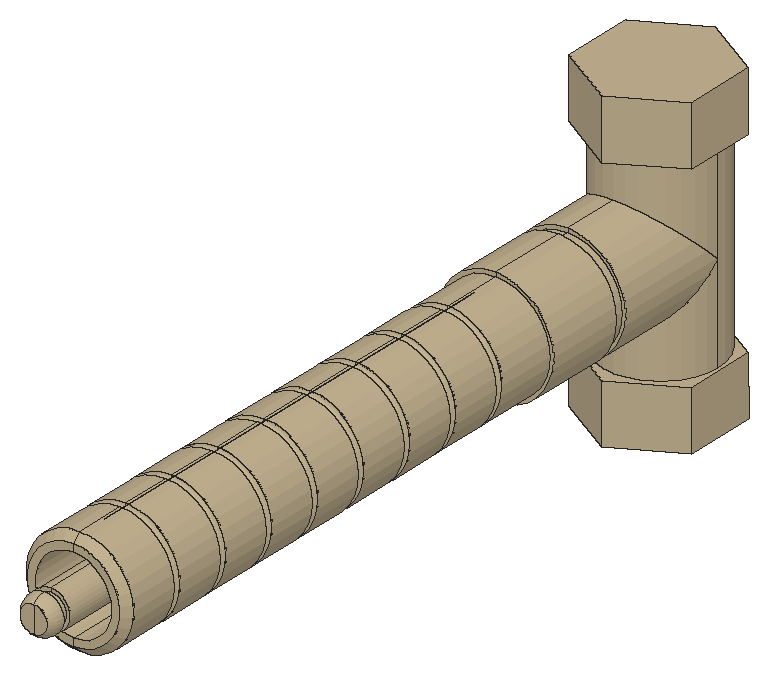
Revit family "Valve-Control-Waterworks-Universal-Clockwise", category Pipe Accessories, Revit 2014
Parameters (values of type "1/2” Clockwise Open Volume Control Valve")
  ‌Installation Requirements or Notes = "Valve rough-in depth is measured from the center of the inlets to the surface of the finished wall and varies depending on the trim used"  # constant formula
  Water Pressure = "Max: 85psi / Min: 20psi / Recommended: 45psi"  # constant formula
  Warranty = "http://www.waterworks.com/warranty"
  Version = "2014 - v1.0a"  # constant formula
  URL = "http://www.waterworks.com/"
  Support Phone = "(224) 699-9545"  # constant formula
  Support Email = "mailto:support@anguleris.com"
  Product Page URL = "http://www.waterworks.com/universal-1-2-clockwise-open-volume-control-valve-guvc19"
  Product Name = "Universal 1/2” Clockwise Open Volume Control Valve"  # constant formula
  Product Documentation Link = "http://assets.waterworks.com/wasset/109/original/34909.pdf"
  Pressure = 45.00 psi
  Model SKU = "26-03622-54601"  # constant formula
  Model = "GUVC19"  # constant formula
  Mixed Water Outlet Diameter = 0' - 0 1/2"  # constant formula
  Mixed Water Outlet Connection = "Outlet - Female NPT"  # constant formula
  Material = ""
  Manufacturer Phone Number = "(203)546-6201"  # constant formula
  Manufacturer Email = "mailto:acallanan@waterworks.com"
  Manufacturer Address = "60 Backus Avenue, Danbury, CT 06810"  # constant formula
  Manufacturer = "Waterworks"  # constant formula
  Length = 0' - 1"  # constant formula
  Keynote = "22 40 00"
  Mixed Water Inlet Diameter = 0' - 0 1/2"  # constant formula
  Mixed Water Inlet Connection = "Inlet - Female NPT"  # constant formula
  Height = 0' - 2 9/16"  # constant formula
  Fittings Hole Diameter = 0' - 1 3/8"  # constant formula
  Finish = Metal - Waterworks - Unfinished
  Description = "Universal 1/2” Clockwise Open Volume Control Valve"  # constant formula
  Depth = 0' - 6 15/16"  # constant formula
  Copyright = "@2017 Waterworks Operating Company LLC. All rights reserved"  # constant formula
  Code Compliance = "Code # GUSV19:"  # constant formula
  Certification cUPC = 1 = 1  # yes
  Certification State of MA = 1 = 1  # yes
  Certification IAPMO = 1 = 1  # yes
  Assembly Code = "D2010"
  Anti-scald Protection = 1 = 0  # no
  ADA Compliant = 1 = 1  # yes
Reference planes (in)
  plane 1 "Center (Front/Back)": z = 0
  plane 2 "Back": y = 0
  plane 3 "Center (Left/Right)": x = 0
  plane 4 "Left": x = -0.5
  plane 5 "Right": x = 0.5
  plane 6 "Bottom": z = -1.28125
  plane 7 "Top": z = 1.28125
  plane 8: y = -0.5625
  plane 9: y = -1.5
  plane 10 "Front": y = -6.9375
Forms (in)
  Extrusion 1, solid, material "Metal - Waterworks - Unfinished" <- "Finish", detail levels fine
    sketch origin (0, 0, 0) x (1, 0, 0) y (0, 1, 0)
      loop
        line (-0.5, -0.28868) -> (-0.5, -0.86603) -> (0, -1.1547) -> (0.5, -0.86603) -> (0.5, -0.28868) -> (0, 0) -> (-0.5, -0.28868)
    from 0.79679 to 1.28125
  Extrusion 2, solid, material "Metal - Waterworks - Unfinished" <- "Finish", detail levels fine
    sketch origin (0, 0, 0) x (1, 0, 0) y (0, 1, 0)
      loop
        line (-0.5, -0.28868) -> (-0.5, -0.86603) -> (0, -1.1547) -> (0.5, -0.86603) -> (0.5, -0.28868) -> (0, 0) -> (-0.5, -0.28868)
    from -1.28125 to -0.79679
  Revolve 3, solid, material "Metal - Waterworks - Unfinished" <- "Finish", detail levels fine
    sketch origin (0, -0.01485, 0) x (0, 0, 1) y (0, -1, 0)
      loop
        line (0, 0.54765) -> (0.46875, 0.54765) -> (0.46875, 1.48515) -> (0.4375, 1.48515) -> (0.4375, 1.5789) -> (0.46875, 1.5789) -> (0.46875, 2.21875) -> (0.4375, 2.21875) -> (0.4375, 2.70312)
        arc (0.4375, 2.70312) -> (0.40625, 2.73437) -> (0.4375, 2.76562) r 0.03125
        line (0.4375, 2.76562) -> (0.4375, 3.17187)
        arc (0.4375, 3.17187) -> (0.40625, 3.20312) -> (0.4375, 3.23437) r 0.03125
        line (0.4375, 3.23437) -> (0.4375, 3.64062)
        arc (0.4375, 3.64062) -> (0.40625, 3.67187) -> (0.4375, 3.70312) r 0.03125
        line (0.4375, 3.70312) -> (0.4375, 4.10937)
        arc (0.4375, 4.10937) -> (0.40625, 4.14062) -> (0.4375, 4.17187) r 0.03125
        line (0.4375, 4.17187) -> (0.4375, 4.57812)
        arc (0.4375, 4.57812) -> (0.40625, 4.60937) -> (0.4375, 4.64062) r 0.03125
        line (0.4375, 4.64062) -> (0.4375, 5.04687)
        arc (0.4375, 5.04687) -> (0.40625, 5.07812) -> (0.4375, 5.10937) r 0.03125
        line (0.4375, 5.10937) -> (0.4375, 5.51562)
        arc (0.4375, 5.51562) -> (0.40625, 5.54687) -> (0.4375, 5.57812) r 0.03125
        line (0.4375, 5.57812) -> (0.4375, 5.98437)
        arc (0.4375, 5.98437) -> (0.40625, 6.01562) -> (0.4375, 6.04687) r 0.03125
        line (0.4375, 6.04687) -> (0.4375, 6.45312) -> (0.375, 6.51562) -> (0.3125, 6.51562) -> (0.3125, 2.21875) -> (0.15625, 2.21875) -> (0.15625, 6.75) -> (0.125, 6.75) -> (0.125, 6.8125) -> (0.15625, 6.8125)
        arc (0.15625, 6.8125) -> (0.14445, 6.87208) -> (0.11082, 6.92265) r 0.15625
        line (0.11082, 6.92265) -> (0, 6.92265) -> (0, 0.54765)
      axis (0, 6.92265) -> (0, 0.54765)
    angle from 0 to 360
  Extrusion 4, solid, material "Metal - Waterworks - Unfinished" <- "Finish", detail levels fine
    sketch origin (0, 0, 0) x (1, 0, 0) y (0, 1, 0)
      loop
        circle (0, -0.5625) r 0.46875
    from -1.28125 to 1.28125
Cuts and joins
  joined: Extrusion 1, Extrusion 2, Extrusion 4
Lines and regions (in)
  model lines, detail levels coarse+medium
    curve 1: line (0.5359, -0.5625, -2) -> (-0.5359, -0.5625, 2)
    curve 2: line (-0.5359, -0.5625, -2) -> (0.5359, -0.5625, 2)
    curve 3: line (-0.5359, -0.5625, 2) -> (0.5359, -0.5625, 2)
    curve 4: line (-0.5359, -0.5625, -2) -> (0.5359, -0.5625, -2)
    curve 5: line (0, -0.5625, 0) -> (-1.5, -0.5625, 0)
    curve 6: line (-1.5, -0.5625, 0) -> (-1.5, -0.5625, 0.5)
Dimensions and locks (in)
  plane 10 "Front" to plane 9 to plane 8 to plane 2 "Back" = 0' - 5 7/16" locked, 0' - 0 15/16" locked, 0' - 0 9/16" locked
  locked: Extrusion 4 sketch curve to plane 3 "Center (Left/Right)" at 0.46875
  Extrusion 1 sketch curve to plane 8 to Extrusion 1 sketch curve = 0' - 0.51286" locked, 0' - 0.48714" locked  (x2)
  plane 9 to Revolve 3 sketch curve to Revolve 3 sketch curve to Revolve 3 sketch curve to Revolve 3 sketch curve to Revolve 3 sketch curve to Revolve 3 sketch curve to Revolve 3 sketch curve to Revolve 3 sketch curve to Revolve 3 sketch curve to Revolve 3 sketch curve to Revolve 3 sketch curve to Revolve 3 sketch curve to Revolve 3 sketch curve to Revolve 3 sketch curve to Revolve 3 sketch curve = 0' - 0 3/32" locked, 0' - 0.63985" locked, 0' - 0" locked, 0' - 0 33/64" locked, 0' - 0 15/32" locked, 0' - 0 15/32" locked, 0' - 0 15/32" locked, 0' - 0 15/32" locked, 0' - 0 15/32" locked, 0' - 0 15/32" locked, 0' - 0 15/32" locked, 0' - 0 1/2" locked, 0' - 0 15/64" locked, 0' - 0 1/16" locked, 0' - 0" locked
  plane 1 "Center (Front/Back)" to Revolve 3 sketch curve to Revolve 3 sketch curve to Revolve 3 sketch curve to Revolve 3 sketch curve to Revolve 3 sketch curve to Revolve 3 sketch curve to Revolve 3 sketch curve to Revolve 3 sketch curve to Revolve 3 sketch curve to Revolve 3 sketch curve to Revolve 3 sketch curve to Revolve 3 sketch curve to Revolve 3 sketch curve to Revolve 3 sketch curve to Revolve 3 sketch curve to Revolve 3 sketch curve to Revolve 3 sketch curve to Revolve 3 sketch curve to Revolve 3 sketch curve to Revolve 3 sketch curve to Revolve 3 sketch curve to Revolve 3 sketch curve to Revolve 3 sketch curve to Revolve 3 sketch curve = 0' - 0 1/8" locked, 0' - 0 1/32" locked, 0' - 0 5/32" locked, 0' - 0 1/16" locked, 0' - 0 1/32" locked, 0' - 0" locked, 0' - 0" locked, 0' - 0" locked, 0' - 0" locked, 0' - 0" locked, 0' - 0" locked, 0' - 0" locked, 0' - 0 1/32" locked, 0' - 0" locked, 0' - 0" locked, 0' - 0" locked, 0' - 0" locked, 0' - 0" locked, 0' - 0" locked, 0' - 0" locked, 0' - 0" locked, 0' - 0" locked, 0' - 0 1/32" locked, 0' - 0" locked
  equal spacing: Extrusion 2, plane 1 "Center (Front/Back)", Extrusion 1, locked at 0.79679 each
  plane 6 "Bottom" to plane 1 "Center (Front/Back)" to plane 7 "Top" = 0' - 1 9/32" locked, 0' - 1 9/32" locked
  equal spacing: plane 4 "Left", plane 3 "Center (Left/Right)", plane 5 "Right", locked at 0.5 each
  Extrusion 2 sketch curve to plane 8 to Extrusion 2 sketch curve = 0' - 0.48714" locked, 0' - 0.51286" locked
  Extrusion 2 sketch curve to plane 8 to Extrusion 2 sketch curve = 0' - 0.51286" locked, 0' - 0.48714" locked
  aligned and locked: plane 8 to Extrusion 4 sketch curve
  aligned and locked: plane 3 "Center (Left/Right)" to Extrusion 4 sketch curve
  aligned and locked: plane 4 "Left" to Extrusion 1 sketch curve
  aligned and locked: Extrusion 1 sketch curve to plane 5 "Right"
  aligned and locked: Revolve 3 sketch curve to plane 1 "Center (Front/Back)"
  aligned and locked: Revolve 3 sketch curve to Revolve 3 sketch curve
  aligned and locked: plane 8 to Revolve 3 sketch curve
  aligned and locked: plane 10 "Front" to Revolve 3 sketch curve
  aligned and locked: Revolve 3 sketch curve to plane 9
  aligned and locked: plane 1 "Center (Front/Back)" to Revolve 3 sketch curve
  aligned and locked: plane 4 "Left" to Extrusion 2 sketch curve
  aligned and locked: Extrusion 2 sketch curve to plane 5 "Right"
  aligned and locked: Extrusion 4 to plane 7 "Top"
  aligned and locked: plane 6 "Bottom" to Extrusion 4
Automatic sketch dimensions
  level to Revolve 3 sketch curve = 0' - 0.11082"
  Revolve 3 sketch curve to Revolve 3 sketch curve = 0' - 0 1/16"
  Revolve 3 sketch curve to plane 2 "Back" = 0' - 11.98515"
  plane 10 "Front" to Revolve 3 sketch curve = 1' - 0.01485"
  plane 2 "Back" to Extrusion 1 sketch curve = 0' - 0"
  Extrusion 1 sketch curve to plane 3 "Center (Left/Right)" = 0' - 0"  (x2)
  Extrusion 1 sketch curve to plane 8 = 0' - 0.27382"
  plane 2 "Back" to Extrusion 2 sketch curve = 0' - 0"
  Extrusion 2 sketch curve to plane 3 "Center (Left/Right)" = 0' - 0"  (x2)
  plane 8 to Extrusion 2 sketch curve = 0' - 0.30353"
  curve 5 to level = 0' - 0"
  curve 5 to plane 3 "Center (Left/Right)" = 0' - 0"
  plane 5 "Right" to curve 1 = 0' - 0.0359"
  plane 5 "Right" to curve 2 = 0' - 0.0359"
  curve 4 to plane 4 "Left" = 0' - 0.0359"
  curve 1 to plane 4 "Left" = 0' - 0.0359"
  curve 6 to plane 4 "Left" = 0' - 1"
  curve 3 to plane 7 "Top" = 0' - 0 23/32"
  level to curve 6 = 0' - 0 1/2"
Connectors (in)
  piping at (0, -0.57735, 1.28125), diameter 0.5, driven by "Mixed Water Outlet Connection", driven by "Mixed Water Outlet Diameter"
    settings: on cut or joined group of Extrusion 1, Extrusion 2, Extrusion 4, index 1, connector inside diameter 24", connector length 0' - 0", flow factor 0, pipe flow 0 GPM, pressure drop 0.00 psi, fitting loss kfactor 0, connector angle 0.00°, fixture units 0, engagement length 0' - 0", angle of deflection 0.00°, flow configuration 0, flow direction 2, fitting loss method 0, system type 29, joint type 0, gender type 0, connector reference index -1, connector utility 0, adjustable connector no, is connector primary yes, connector description "Outlet - Female NPT"
  piping at (0, -0.57735, -1.28125), diameter 0.5, driven by "Mixed Water Inlet Connection", driven by "Mixed Water Inlet Diameter"
    settings: on cut or joined group of Extrusion 1, Extrusion 2, Extrusion 4, index 2, connector inside diameter 24", connector length 0' - 0", flow factor 0, pipe flow 0 GPM, pressure drop 0.00 psi, fitting loss kfactor 0, connector angle 0.00°, fixture units 0, engagement length 0' - 0", angle of deflection 0.00°, flow configuration 0, flow direction 1, fitting loss method 0, system type 29, joint type 0, gender type 0, connector reference index -1, connector utility 0, adjustable connector no, is connector primary no, connector description "Inlet - Female NPT"
